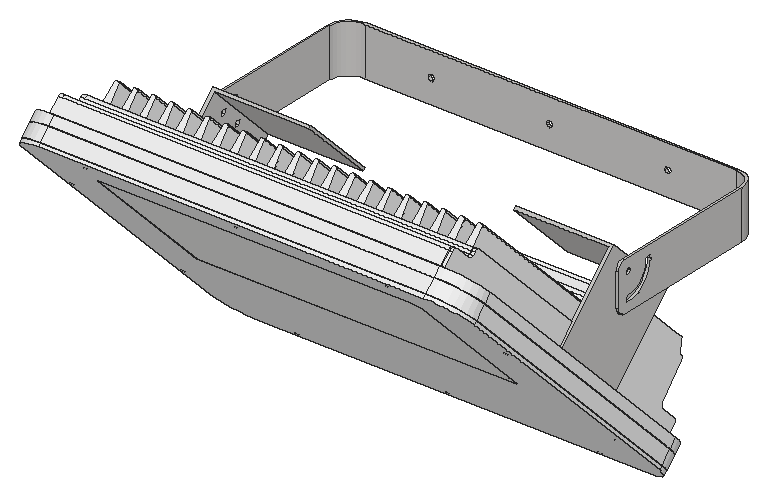
Revit family "FT ATEX LED MAX_2021", category Luminarias, Revit 2021 (continued)
Types (12, lengths in mm): name | Wattage | Power | Position | Archivo de red fotométrica | built-in parameter 1150142 | Modules | Lumens | built-in parameter 1150105 | built-in parameter 1150106 | Equiv MH
    .4664\t579.0186\t586.1406\t597.607\t612.6344\t630.8668\t652.7313\t675.6641\t698.5258\t725.0196\r\n749.8754\t779.5741\t807.706\t838.2594\t875.6499\t914.3936\t963.2505\t1022.1494\t1096.147\t1184.531\r\n1284.1678\t1390.0007\t1495.62\t1605.8686\t1715.5474\t1805.3558\t1839.9687\t1797.664\t1649.5264\t1382.3802\r\n1039.0998\t712.7698\t486.7887\t337.013\t251.6203\t189.6589\t0\t0\t0\t0\r\n0\t0\t0\t0\t0\t0\t0\t0\t0\t0\r\n0\t0\t0\t0\t0\t0\t0\t0\t0\t0\r\n0\t0\t0\t0\t0\t0\t0\t0\t0\t0\r\n0\t0\t0\t0\t0\t0\t0\t0\t0\t0\r\n0\r\n530.0905\t530.8739\t533.8651\t537.1412\t541.6281\t546.3998\t551.4565\t556.3706\t560.8575\t565.7005\r\n570.9707\t576.7396\t584.645\t595.969\t610.8539\t630.2258\t652.1615\t676.0202\t698.8106\t724.8772\r\n750.2315\t778.5058\t807.4211\t837.9745\t874.1543\t913.0404\t961.8973\t1020.5826\t1094.0816\t1181.8247\r\n1280.4644\t1385.7988\t1490.9907\t1600.6695\t1707.0722\t1790.6132\t1818.9588\t1770.3868\t1622.6765\t1364.0767\r\n1031.7641\t713.6956\t490.4921\t341.7848\t255.2525\t192.6501\t0\t0\t0\t0\r\n0\t0\t0\t0\t0\t0\t0\t0\t0\t0\r\n0\t0\t0\t0\t0\t0\t0\t0\t0\t0\r\n0\t0\t0\t0\t0\t0\t0\t0\t0\t0\r\n0\t0\t0\t0\t0\t0\t0\t0\t0\t0\r\n0\r\n529.6631\t531.0163\t532.9393\t536.7139\t541.1296\t545.474\t550.673\t554.7326\t559.6468\t563.2078\r\n569.4751\t574.3893\t583.1494\t594.3309\t609.0734\t629.5136\t651.5918\t676.4476\t699.0955\t724.7347\r\n750.6588\t777.4375\t807.1363\t837.6896\t872.6587\t911.6872\t960.5441\t1018.9445\t1092.0163\t1179.1183\r\n1276.7609\t1381.5256\t1486.3614\t1595.4704\t1698.6682\t1775.8707\t1797.9489\t1743.1095\t1595.7553\t1345.8443\r\n1024.3573\t714.6215\t494.1956\t346.5565\t258.9559\t195.6413\t0\t0\t0\t0\r\n0\t0\t0\t0\t0\t0\t0\t0\t0\t0\r\n0\t0\t0\t0\t0\t0\t0\t0\t0\t0\r\n0\t0\t0\t0\t0\t0\t0\t0\t0\t0\r\n0\t0\t0\t0\t0\t0\t0\t0\t0\t0\r\n0\r\n530.0905\t530.4466\t532.7968\t535.5032\t540.7022\t544.6906\t549.9608\t553.8067\t558.2936\t562.7804\r\n567.6946\t573.6059\t580.9415\t592.5504\t607.0081\t626.6648\t648.743\t672.388\t696.1043\t721.1025\r\n746.8841\t774.6599\t805.1421\t836.3365\t870.7357\t909.337\t956.9831\t1014.6713\t1086.746\t1171.4266\r\n1269.5677\t1375.2582\t1480.8775\t1588.2772\t1692.4721\t1763.977\t1784.4883\t1731.5006\t1587.2801\t1342.5682\r\n1028.6305\t723.9513\t502.101\t356.3849\t261.8047\t196.6384\t0\t0\t0\t0\r\n0\t0\t0\t0\t0\t0\t0\t0\t0\t0\r\n0\t0\t0\t0\t0\t0\t0\t0\t0\t0\r\n0\t0\t0\t0\t0\t0\t0\t0\t0\t0\r\n0\t0\t0\t0\t0\t0\t0\t0\t0\t0\r\n0\r\n530.4466\t529.948\t532.6544\t534.2924\t540.2749\t543.8359\t549.3199\t552.8096\t556.9404\t562.4243\r\n565.9141\t572.7512\t578.7337\t590.7699\t604.9427\t623.816\t645.8942\t668.2573\t693.113\t717.3991\r\n743.0383\t771.9536\t803.0767\t834.9833\t868.8128\t907.0579\t953.4221\t1010.4694\t1081.4045\t1163.806\r\n1262.3033\t1368.9908\t1475.3935\t1581.0128\t1686.3472\t1752.1544\t1770.9565\t1719.8918\t1578.8762\t1339.2921\r\n1032.8324\t733.2099\t510.0064\t366.2132\t264.6535\t197.5643\t0\t0\t0\t0\r\n0\t0\t0\t0\t0\t0\t0\t0\t0\t0\r\n0\t0\t0\t0\t0\t0\t0\t0\t0\t0\r\n0\t0\t0\t0\t0\t0\t0\t0\t0\t0\r\n0\t0\t0\t0\t0\t0\t0\t0\t0\t0\r\n0\r\n530.589\t529.948\t531.9422\t534.15\t539.3491\t543.9784\t548.1803\t552.4535\t556.0145\t560.6438\r\n564.9883\t570.5434\t577.523\t588.5621\t603.5895\t622.8189\t645.182\t668.1148\t691.9023\t716.6869\r\n742.1124\t770.1731\t800.4416\t832.2769\t865.5367\t902.3574\t948.0806\t1003.6322\t1074.5674\t1159.0343\r\n1258.5998\t1365.5723\t1472.972\t1581.1552\t1684.2106\t1750.73\t1766.9682\t1714.6215\t1572.5376\t1336.016\r\n1038.6725\t751.2286\t534.2924\t378.8904\t267.0038\t199.3448\t0\t0\t0\t0\r\n0\t0\t0\t0\t0\t0\t0\t0\t0\t0\r\n0\t0\t0\t0\t0\t0\t0\t0\t0\t0\r\n0\t0\t0\t0\t0\t0\t0\t0\t0\t0\r\n0\t0\t0\t0\t0\t0\t0\t0\t0\t0\r\n0\r\n530.7314\t529.948\t531.3012\t534.0076\t538.352\t544.1208\t547.112\t552.0262\t555.0175\t558.8633\r\n564.0624\t568.4068\t576.3122\t586.4255\t602.2363\t621.893\t644.541\t667.9724\t690.6203\t716.0459\r\n741.1153\t768.3926\t797.8777\t829.5706\t862.2605\t897.7281\t942.8104\t996.7951\t1067.7302\t1154.2625\r\n1254.9676\t1362.1537\t1470.5506\t1581.2977\t1682.0027\t1749.3769\t1763.0511\t1709.28\t1566.2702\t1332.7399\r\n1044.5837\t769.2472\t558.5785\t391.5676\t269.354\t201.1253\t0\t0\t0\t0\r\n0\t0\t0\t0\t0\t0\t0\t0\t0\t0\r\n0\t0\t0\t0\t0\t0\t0\t0\t0\t0\r\n0\t0\t0\t0\t0\t0\t0\t0\t0\t0\r\n0\t0\t0\t0\t0\t0\t0\t0\t0\t0\r\n0\r\n533.3666\t532.5119\t534.15\t536.8564\t541.913\t546.8272\t550.5306\t554.875\t558.436\t562.7804\r\n566.7688\t570.5434\t580.1581\t591.6245\t608.2188\t628.7302\t652.1615\t674.5246\t698.5258\t723.6664\r\n750.5164\t780.1439\t809.629\t841.678\t875.7923\t914.2511\t960.9002\t1019.728\t1093.1558\t1182.893\r\n1287.3015\t1392.2086\t1509.0094\t1621.6794\t1723.3103\t1784.8444\t1791.824\t1731.1445\t1575.7425\t1323.5525\r\n1015.3835\t732.4977\t529.948\t372.623\t262.9442\t200.4131\t0\t0\t0\t0\r\n0\t0\t0\t0\t0\t0\t0\t0\t0\t0\r\n0\t0\t0\t0\t0\t0\t0\t0\t0\t0\r\n0\t0\t0\t0\t0\t0\t0\t0\t0\t0\r\n0\t0\t0\t0\t0\t0\t0\t0\t0\t0\r\n0\r\n535.9305\t535.0759\t536.9988\t539.7764\t545.474\t549.5335\t553.9492\t557.7238\t561.8546\t566.7688\r\n569.4751\t572.7512\t583.9328\t596.7524\t614.2725\t635.4961\t659.7821\t681.0769\t706.5024\t731.287\r\n759.9174\t791.8952\t821.3803\t853.8566\t889.3241\t930.7742\t979.0613\t1042.6608\t1118.5101\t1211.5234\r\n1319.6354\t1422.1922\t1547.4682\t1662.0611\t1764.6892\t1820.312\t1820.5969\t1752.9379\t1585.1435\t1314.4363\r\n986.1833\t695.8194\t501.2464\t353.6785\t256.5344\t199.7721\t0\t0\t0\t0\r\n0\t0\t0\t0\t0\t0\t0\t0\t0\t0\r\n0\t0\t0\t0\t0\t0\t0\t0\t0\t0\r\n0\t0\t0\t0\t0\t0\t0\t0\t0\t0\r\n0\t0\t0\t0\t0\t0\t0\t0\t0\t0\r\n0\r\n534.15\t533.5802\t534.7198\t537.8534\t542.4827\t547.112\t550.9579\t555.0175\t559.0058\t563.4926\r\n567.0536\t570.9707\t580.3718\t592.8353\t610.7115\t632.2199\t656.2923\t679.2964\t703.8673\t729.364\r\n756.9262\t787.2659\t816.8222\t847.6604\t883.4129\t924.0795\t971.8681\t1032.9749\t1108.5393\t1200.4843\r\n1306.5309\t1412.9336\t1531.23\t1649.6689\t1752.3681\t1813.7597\t1819.1012\t1753.8637\t1590.0577\t1321.2734\r\n995.2995\t705.078\t503.4542\t348.7643\t251.6915\t194.0033\t0\t0\t0\t0\r\n0\t0\t0\t0\t0\t0\t0\t0\t0\t0\r\n0\t0\t0\t0\t0\t0\t0\t0\t0\t0\r\n0\t0\t0\t0\t0\t0\t0\t0\t0\t0\r\n0\t0\t0\t0\t0\t0\t0\t0\t0\t0\r\n0\r\n532.3695\t532.0846\t532.3695\t535.9305\t539.4915\t544.6906\t547.8955\t552.3111\t556.0858\t560.2165\r\n564.5609\t569.1902\t576.882\t588.847\t607.1505\t628.9438\t652.7313\t677.5159\t701.3033\t727.5123\r\n753.9349\t782.6366\t812.3353\t841.5355\t877.5728\t917.3848\t964.6037\t1023.289\t1098.5685\t1189.4452\r\n1293.4264\t1403.675\t1514.9918\t1637.2766\t1740.1183\t1807.2075\t1817.6056\t1754.8608\t1594.9719\t1328.1106\r\n1004.4157\t714.4078\t505.662\t343.8502\t246.9197\t188.3057\t0\t0\t0\t0\r\n0\t0\t0\t0\t0\t0\t0\t0\t0\t0\r\n0\t0\t0\t0\t0\t0\t0\t0\t0\t0\r\n0\t0\t0\t0\t0\t0\t0\t0\t0\t0\r\n0\t0\t0\t0\t0\t0\t0\t0\t0\t0\r\n0\r\n531.5861\t530.7314\t531.4436\t534.15\t538.1383\t542.6252\t546.5423\t550.5306\t553.9492\t558.2936\r\n561.8546\t566.9112\t574.3893\t586.5679\t604.8002\t625.9526\t650.5235\t674.9519\t699.5228\t725.3045\r\n751.0861\t779.5741\t808.1333\t839.2565\t874.1543\t913.8238\t960.7578\t1020.1553\t1092.3011\t1180.3291\r\n1283.4556\t1391.3539\t1502.8844\t1622.1067\t1727.2987\t1800.584\t1817.4632\t1763.1935\t1606.9369\t1344.0638\r\n1016.167\t711.2741\t492.1302\t338.936\t246.5636\t187.5935\t0\t0\t0\t0\r\n0\t0\t0\t0\t0\t0\t0\t0\t0\t0\r\n0\t0\t0\t0\t0\t0\t0\t0\t0\t0\r\n0\t0\t0\t0\t0\t0\t0\t0\t0\t0\r\n0\t0\t0\t0\t0\t0\t0\t0\t0\t0\r\n0\r\n530.7314\t529.3783\t530.4466\t532.3695\t536.7139\t540.5598\t545.1891\t548.7501\t551.7413\t556.3706\r\n559.1482\t564.5609\t571.9678\t584.2177\t602.5212\t622.9613\t648.3157\t672.388\t697.7423\t723.0967\r\n748.2373\t776.5829\t803.8601\t836.9062\t870.7357\t910.334\t956.9831\t1017.0216\t1086.0338\t1171.1417\r\n1273.4848\t1379.1041\t1490.7058\t1606.9369\t1714.4791\t1793.8894\t1817.3207\t1771.5263\t1618.973\t1360.0171\r\n1027.9183\t708.1405\t478.5984\t334.0218\t246.1363\t186.9525\t0\t0\t0\t0\r\n0\t0\t0\t0\t0\t0\t0\t0\t0\t0\r\n0\t0\t0\t0\t0\t0\t0\t0\t0\t0\r\n0\t0\t0\t0\t0\t0\t0\t0\t0\t0\r\n0\t0\t0\t0\t0\t0\t0\t0\t0\t0\r\n0\r\n530.0905\t528.9509\t529.8056\t531.7997\t535.9305\t539.6339\t544.2632\t547.3969\t550.2457\t554.5901\r\n557.8663\t563.3502\t570.5434\t583.2918\t601.0256\t621.893\t646.6064\t671.2485\t696.8877\t721.7435\r\n747.0978\t775.0873\t803.3616\t835.4106\t868.9552\t908.5535\t953.707\t1010.9679\t1080.3362\t1163.6636\r\n1264.796\t1371.0562\t1480.094\t1593.3338\t1702.0156\t1784.702\t1811.4807\t1770.5292\t1622.534\t1360.6581\r\n1024.927\t701.1609\t474.254\t333.3096\t247.0622\t188.6618\t0\t0\t0\t0\r\n0\t0\t0\t0\t0\t0\t0\t0\t0\t0\r\n0\t0\t0\t0\t0\t0\t0\t0\t0\t0\r\n0\t0\t0\t0\t0\t0\t0\t0\t0\t0\r\n0\t0\t0\t0\t0\t0\t0\t0\t0\t0\r\n0\r\n529.3783\t528.5236\t529.0934\t531.3012\t535.0759\t538.6369\t543.2662\t546.0437\t548.7501\t552.8096\r\n556.6555\t562.1395\t569.1902\t582.2947\t599.53\t620.7535\t644.8259\t670.1802\t696.1043\t720.3903\r\n746.0295\t773.5916\t802.7918\t833.915\t867.1747\t906.773\t950.4309\t1004.9854\t1074.5674\t1156.1855\r\n1256.0359\t1363.0084\t1469.411\t1579.6596\t1689.6233\t1775.5858\t1805.5694\t1769.6033\t1626.0238\t1361.3703\r\n1021.9358\t694.1813\t469.9096\t332.5974\t248.0593\t190.4423\t0\t0\t0\t0\r\n0\t0\t0\t0\t0\t0\t0\t0\t0\t0\r\n0\t0\t0\t0\t0\t0\t0\t0\t0\t0\r\n0\t0\t0\t0\t0\t0\t0\t0\t0\t0\r\n0\t0\t0\t0\t0\t0\t0\t0\t0\t0\r\n0\r\n529.5207\t528.5236\t528.8085\t531.1588\t534.15\t538.1383\t542.3403\t544.9042\t548.0379\t551.4565\r\n555.5872\t560.8575\t568.6917\t580.9415\t598.9602\t620.5399\t644.1137\t670.4651\t695.9618\t721.3162\r\n746.0295\t772.8794\t802.0796\t832.5618\t867.4596\t905.2774\t950.0036\t1004.202\t1072.3595\t1154.405\r\n1252.7598\t1359.5898\t1462.0754\t1569.4039\t1676.0203\t1764.2618\t1799.1596\t1767.8228\t1630.7956\t1369.9879\r\n1027.4909\t693.6116\t467.4169\t331.6715\t247.2046\t190.7272\t0\t0\t0\t0\r\n0\t0\t0\t0\t0\t0\t0\t0\t0\t0\r\n0\t0\t0\t0\t0\t0\t0\t0\t0\t0\r\n0\t0\t0\t0\t0\t0\t0\t0\t0\t0\r\n0\t0\t0\t0\t0\t0\t0\t0\t0\t0\r\n0\r\n529.6631\t528.5236\t528.5236\t531.0163\t533.2241\t537.5686\t541.4144\t543.8359\t547.3969\t550.1033\r\n554.4477\t559.6468\t568.1219\t579.5884\t598.3904\t620.255\t643.4015\t670.75\t695.8194\t722.3132\r\n746.0295\t772.2385\t801.4387\t831.1374\t867.7445\t903.7818\t949.5763\t1003.3474\t1070.2229\t1152.6245\r\n1249.4837\t1356.1712\t1454.6685\t1559.2195\t1662.346\t1752.9379\t1792.7498\t1766.0423\t1635.6385\t1378.5343\r\n1033.1173\t693.113\t464.9954\t330.7457\t246.4212\t191.012\t0\t0\t0\t0\r\n0\t0\t0\t0\t0\t0\t0\t0\t0\t0\r\n0\t0\t0\t0\t0\t0\t0\t0\t0\t0\r\n0\t0\t0\t0\t0\t0\t0\t0\t0\t0\r\n0\t0\t0\t0\t0\t0\t0\t0\t0\t0\r\n0\r\n530.4466\t528.4524\t529.2358\t531.0163\t533.5802\t537.2837\t541.1296\t543.8359\t546.5423\t549.9608\r\n553.3794\t559.0058\t566.6263\t578.0927\t596.7524\t618.0472\t642.1907\t668.3997\t695.036\t722.3132\r\n747.81\t774.8024\t802.3645\t832.4194\t865.6791\t902.4998\t946.4426\t1000.641\t1067.7302\t1148.7786\r\n1244.8544\t1347.0551\t1444.6265\t1544.0496\t1644.8971\t1735.7738\t1779.2893\t1757.9945\t1635.7097\t1383.5909\r\n1038.1739\t695.8194\t465.4939\t330.0335\t246.7061\t191.012\t0\t0\t0\t0\r\n0\t0\t0\t0\t0\t0\t0\t0\t0\t0\r\n0\t0\t0\t0\t0\t0\t0\t0\t0\t0\r\n0\t0\t0\t0\t0\t0\t0\t0\t0\t0\r\n0\t0\t0\t0\t0\t0\t0\t0\t0\t0\r\n0\r\n531.3012\t528.31\t529.948\t531.0163\t534.0076\t536.9988\t540.8447\t543.8359\t545.7589\t549.8184\r\n552.3111\t558.2936\t565.1307\t576.5971\t595.1143\t615.9106\t640.98\t666.0494\t694.1813\t722.3132\r\n749.5905\t777.4375\t803.3616\t833.6301\t863.6137\t901.2891\t943.3089\t997.8634\t1065.3088\t1145.0039\r\n1240.2251\t1337.8677\t1434.5132\t1528.8797\t1627.4482\t1718.5386\t1765.7575\t1749.9466\t1635.8522\t1388.6476\r\n1043.2306\t698.5258\t466.0637\t329.3925\t246.9197\t191.012\t0\t0\t0\t0\r\n0\t0\t0\t0\t0\t0\t0\t0\t0\t0\r\n0\t0\t0\t0\t0\t0\t0\t0\t0\t0\r\n0\t0\t0\t0\t0\t0\t0\t0\t0\t0\r\n0\t0\t0\t0\t0\t0\t0\t0\t0\t0\r\n0\r\n531.1588\t528.1675\t529.6631\t530.8739\t533.8651\t536.7139\t540.1325\t543.1237\t545.474\t549.4623\r\n552.1687\t557.6526\t564.2761\t575.6\t593.6187\t614.4862\t639.9117\t665.266\t693.754\t722.1708\r\n749.5905\t777.4375\t804.0026\t833.7725\t864.3259\t901.8589\t944.6621\t999.1454\t1065.0239\t1145.1464\r\n1238.1597\t1335.0189\t1433.0176\t1527.2417\t1624.1721\t1710.9181\t1757.852\t1742.1836\t1629.1575\t1383.3061\r\n1041.6637\t700.3063\t467.132\t331.5291\t248.9851\t192.935\t0\t0\t0\t0\r\n0\t0\t0\t0\t0\t0\t0\t0\t0\t0\r\n0\t0\t0\t0\t0\t0\t0\t0\t0\t0\r\n0\t0\t0\t0\t0\t0\t0\t0\t0\t0\r\n0\t0\t0\t0\t0\t0\t0\t0\t0\t0\r\n0\r\n531.0163\t528.0251\t529.3783\t530.7314\t533.7227\t536.5003\t539.4915\t542.4827\t545.1891\t549.035\r\n552.0262\t556.9404\t563.4926\t574.6742\t592.1231\t613.133\t638.7722\t664.4826\t693.3979\t722.0284\r\n749.5905\t777.4375\t804.7148\t833.915\t865.0381\t902.3574\t946.0865\t1000.3561\t1064.739\t1145.2176\r\n1236.0943\t1332.1701\t1431.522\t1525.6036\t1620.896\t1703.2975\t1749.9466\t1734.3494\t1622.534\t1378.0358\r\n1040.1681\t702.0868\t468.2715\t333.7369\t251.0505\t194.8579\t0\t0\t0\t0\r\n0\t0\t0\t0\t0\t0\t0\t0\t0\t0\r\n0\t0\t0\t0\t0\t0\t0\t0\t0\t0\r\n0\t0\t0\t0\t0\t0\t0\t0\t0\t0\r\n0\t0\t0\t0\t0\t0\t0\t0\t0\t0\r\n0\r\n530.4466\t528.0251\t528.8085\t530.4466\t533.7227\t535.9305\t539.3491\t542.3403\t545.3315\t548.7501\r\n551.4565\t556.5131\t563.0653\t574.3893\t590.7699\t612.3496\t636.9917\t662.1323\t690.3355\t718.3249\r\n747.0978\t774.4463\t802.507\t830.354\t862.1181\t899.9359\t943.5938\t997.6498\t1061.0356\t1139.6624\r\n1230.9665\t1329.4637\t1430.3825\t1529.3071\t1629.0863\t1711.8439\t1751.2998\t1725.9455\t1608.1476\t1363.0084\r\n1029.9836\t700.4487\t470.8354\t337.4404\t254.1842\t197.5643\t0\t0\t0\t0\r\n0\t0\t0\t0\t0\t0\t0\t0\t0\t0\r\n0\t0\t0\t0\t0\t0\t0\t0\t0\t0\r\n0\t0\t0\t0\t0\t0\t0\t0\t0\t0\r\n0\t0\t0\t0\t0\t0\t0\t0\t0\t0\r\n0\r\n529.948\t528.0251\t528.31\t530.1617\t533.7227\t535.3607\t539.2066\t542.1979\t545.474\t548.4652\r\n550.9579\t556.0858\t562.638\t574.1044\t589.4167\t611.4949\t635.2824\t659.7821\t687.3442\t714.6215\r\n744.6763\t771.3838\t800.3704\t826.793\t859.2693\t897.5144\t941.1723\t994.8722\t1057.4033\t1134.0361\r\n1225.7674\t1326.6862\t1429.3142\t1533.0105\t1637.2766\t1720.4615\t1752.653\t1717.4703\t1593.8324\t1347.9809\r\n1019.728\t698.8106\t473.4706\t341.0726\t257.3179\t200.2706\t0\t0\t0\t0\r\n0\t0\t0\t0\t0\t0\t0\t0\t0\t0\r\n0\t0\t0\t0\t0\t0\t0\t0\t0\t0\r\n0\t0\t0\t0\t0\t0\t0\t0\t0\t0\r\n0\t0\t0\t0\t0\t0\t0\t0\t0\t0\r\n0\r\n529.6631\t528.1675\t528.1675\t530.1617\t533.2241\t535.5032\t539.2066\t542.0554\t545.3315\t548.0379\r\n551.1004\t555.5872\t562.638\t574.3893\t590.6275\t612.3496\t635.7809\t661.705\t688.4837\t715.1912\r\n743.9641\t770.458\t799.6582\t827.6476\t860.9074\t898.1554\t941.9557\t993.3766\t1055.7653\t1130.9024\r\n1220.5684\t1320.4188\t1422.0497\t1528.2388\t1632.8609\t1715.4049\t1745.6734\t1698.7394\t1562.7805\t1315.2197\r\n999.9288\t693.5404\t473.6842\t342.0697\t258.2437\t200.8404\t0\t0\t0\t0\r\n0\t0\t0\t0\t0\t0\t0\t0\t0\t0\r\n0\t0\t0\t0\t0\t0\t0\t0\t0\t0\r\n0\t0\t0\t0\t0\t0\t0\t0\t0\t0\r\n0\t0\t0\t0\t0\t0\t0\t0\t0\t0\r\n0\r\n529.3783\t528.31\t528.0251\t530.1617\t532.6544\t535.6456\t539.2066\t541.913\t545.1891\t547.6818\r\n551.1716\t555.0175\t562.638\t574.6742\t591.8382\t613.133\t636.3507\t663.628\t689.552\t715.761\r\n743.3231\t769.5321\t798.946\t828.431\t862.5454\t898.8676\t942.8104\t991.8809\t1054.1272\t1127.7687\r\n1215.3693\t1314.1514\t1414.8565\t1523.467\t1628.5165\t1710.3483\t1738.7651\t1680.0798\t1531.6573\t1282.5298\r\n980.1296\t688.1989\t473.9691\t342.9955\t259.2408\t201.4102\t0\t0\t0\t0\r\n0\t0\t0\t0\t0\t0\t0\t0\t0\t0\r\n0\t0\t0\t0\t0\t0\t0\t0\t0\t0\r\n0\t0\t0\t0\t0\t0\t0\t0\t0\t0\r\n0\t0\t0\t0\t0\t0\t0\t0\t0\t0\r\n0\r\n529.8056\t528.1675\t528.31\t530.1617\t532.5119\t535.9305\t538.7793\t542.3403\t544.9042\t547.5394\r\n551.1004\t555.1599\t563.2078\t574.6742\t591.8382\t612.7057\t636.9205\t664.0553\t689.552\t715.9034\r\n743.8217\t771.0277\t799.6582\t829.9267\t864.1835\t900.8618\t944.8045\t994.0888\t1054.9106\t1128.196\r\n1215.0844\t1312.3709\t1412.1502\t1517.0572\t1619.614\t1706.4312\t1736.1299\t1674.7383\t1519.4787\t1269.8526\r\n972.0818\t682.7149\t471.5476\t340.7165\t256.5344\t198.9175\t0\t0\t0\t0\r\n0\t0\t0\t0\t0\t0\t0\t0\t0\t0\r\n0\t0\t0\t0\t0\t0\t0\t0\t0\t0\r\n0\t0\t0\t0\t0\t0\t0\t0\t0\t0\r\n0\t0\t0\t0\t0\t0\t0\t0\t0\t0\r\n0\r\n530.1617\t528.0251\t528.5236\t530.1617\t532.3695\t536.2154\t538.352\t542.7676\t544.6906\t547.3969\r\n550.9579\t555.3023\t563.7775\t574.6742\t591.8382\t612.3496\t637.419\t664.4826\t689.552\t716.0459\r\n744.3914\t772.5233\t800.3704\t831.4223\t865.8215\t902.9272\t946.8699\t996.2966\t1055.7653\t1128.6233\r\n1214.7995\t1310.5904\t1409.3726\t1510.6474\t1610.7827\t1702.4429\t1733.566\t1669.468\t1507.3713\t1257.1042\r\n964.0339\t677.3022\t469.0549\t338.3662\t253.7569\t196.496\t0\t0\t0\t0\r\n0\t0\t0\t0\t0\t0\t0\t0\t0\t0\r\n0\t0\t0\t0\t0\t0\t0\t0\t0\t0\r\n0\t0\t0\t0\t0\t0\t0\t0\t0\t0\r\n0\t0\t0\t0\t0\t0\t0\t0\t0\t0\r\n0\r\n530.1617\t528.1675\t528.4524\t530.1617\t532.5119\t536.2154\t538.2095\t543.0525\t545.1891\t548.3228\r\n551.5989\t556.0858\t564.7034\t576.1698\t593.4763\t614.2725\t639.7693\t665.9782\t691.3325\t718.3249\r\n746.1719\t774.8024\t802.6494\t833.6301\t866.8898\t905.2774\t948.3655\t999.7864\t1061.3204\t1136.3863\r\n1225.625\t1322.0569\t1422.9044\t1526.7431\t1630.0121\t1719.8918\t1748.0237\t1682.7862\t1518.8377\t1266.2916\r\n965.3159\t671.8183\t462.3602\t333.1672\t249.27\t192.3652\t0\t0\t0\t0\r\n0\t0\t0\t0\t0\t0\t0\t0\t0\t0\r\n0\t0\t0\t0\t0\t0\t0\t0\t0\t0\r\n0\t0\t0\t0\t0\t0\t0\t0\t0\t0\r\n0\t0\t0\t0\t0\t0\t0\t0\t0\t0\r\n0\r\n530.1617\t528.31\t528.31\t530.1617\t532.6544\t536.2154\t538.1383\t543.2662\t545.7589\t549.3199\r\n552.3111\t556.9404\t565.7005\t577.6654\t595.1143\t616.1242\t642.0483\t667.4738\t693.113\t720.6752\r\n747.9524\t777.1526\t804.9997\t835.8379\t868.0294\t907.5565\t949.8611\t1003.3474\t1066.9468\t1144.1493\r\n1236.3792\t1333.5233\t1436.4362\t1542.8389\t1649.2415\t1737.4119\t1762.4813\t1696.1755\t1530.3041\t1275.4078\r\n966.5266\t666.3343\t455.6656\t327.9681\t244.7831\t188.3057\t0\t0\t0\t0\r\n0\t0\t0\t0\t0\t0\t0\t0\t0\t0\r\n0\t0\t0\t0\t0\t0\t0\t0\t0\t0\r\n0\t0\t0\t0\t0\t0\t0\t0\t0\t0\r\n0\t0\t0\t0\t0\t0\t0\t0\t0\t0\r\n0\r\n530.0905\t528.4524\t528.5236\t530.3041\t532.7968\t536.3578\t538.9217\t543.2662\t545.9013\t549.8184\r\n552.8096\t557.7238\t565.7005\t577.3805\t594.7582\t615.9818\t642.1907\t667.4738\t694.3238\t721.4586\r\n750.1603\t779.218\t807.2787\t838.8292\t871.804\t911.4023\t954.6329\t1009.3298\t1073.4991\t1153.5503\r\n1246.4924\t1344.7048\t1447.048\t1554.1628\t1662.346\t1750.5876\t1781.0698\t1722.242\t1562.7805\t1301.1894\r\n978.4204\t666.7616\t452.6743\t323.9086\t241.3646\t185.5281\t0\t0\t0\t0\r\n0\t0\t0\t0\t0\t0\t0\t0\t0\t0\r\n0\t0\t0\t0\t0\t0\t0\t0\t0\t0\r\n0\t0\t0\t0\t0\t0\t0\t0\t0\t0\r\n0\t0\t0\t0\t0\t0\t0\t0\t0\t0\r\n0\r\n529.948\t528.5236\t528.8085\t530.4466\t532.9393\t536.5003\t539.7764\t543.2662\t546.0437\t550.3882\r\n553.3794\t558.5785\t565.7005\t577.0957\t594.3309\t615.9106\t642.3332\t667.4738\t695.5345\t722.3132\r\n752.2969\t781.2122\t809.629\t841.8204\t875.6499\t915.2482\t959.4046\t1015.3835\t1080.0513\t1163.0226\r\n1256.6057\t1355.8864\t1457.6597\t1565.4868\t1675.4505\t1763.8345\t1799.587\t1748.3086\t1595.1856\t1326.971\r\n990.2429\t667.189\t449.6831\t319.7778\t237.946\t182.8217\t0\t0\t0\t0\r\n0\t0\t0\t0\t0\t0\t
    0\t0\t0\t0\r\n0\t0\t0\t0\t0\t0\t0\t0\t0\t0\r\n0\t0\t0\t0\t0\t0\t0\t0\t0\t0\r\n0\t0\t0\t0\t0\t0\t0\t0\t0\t0\r\n0\r\n529.948\t528.8085\t529.0934\t531.0163\t533.2241\t537.2837\t539.8476\t543.551\t546.5423\t550.8155\r\n554.4477\t559.2194\t566.7688\t577.523\t595.2568\t617.4062\t643.5439\t670.0378\t697.5999\t725.9455\r\n755.0744\t783.7049\t811.1246\t843.1736\t876.8606\t915.3194\t959.5471\t1014.244\t1082.6152\t1166.9397\r\n1262.4457\t1364.3615\t1468.0579\t1574.3181\t1677.0886\t1760.7008\t1806.8514\t1769.7458\t1625.8102\t1356.741\r\n1010.042\t673.4563\t448.7572\t317.3563\t237.2338\t182.252\t0\t0\t0\t0\r\n0\t0\t0\t0\t0\t0\t0\t0\t0\t0\r\n0\t0\t0\t0\t0\t0\t0\t0\t0\t0\r\n0\t0\t0\t0\t0\t0\t0\t0\t0\t0\r\n0\t0\t0\t0\t0\t0\t0\t0\t0\t0\r\n0\r\n529.948\t529.0934\t529.3783\t531.5861\t533.4378\t538.1383\t539.99\t543.8359\t547.112\t551.1716\r\n555.5872\t559.9316\t567.8371\t577.9503\t596.2538\t618.9018\t644.8259\t672.6017\t699.6653\t729.6489\r\n757.7808\t786.1264\t812.6202\t844.5268\t878.1426\t915.4619\t959.6895\t1013.1757\t1085.2504\t1170.928\r\n1268.2858\t1372.8367\t1478.456\t1583.2206\t1678.7266\t1757.5672\t1814.0446\t1791.1118\t1656.3635\t1386.4397\r\n1029.8412\t679.7237\t447.7601\t314.8636\t236.5928\t181.7534\t0\t0\t0\t0\r\n0\t0\t0\t0\t0\t0\t0\t0\t0\t0\r\n0\t0\t0\t0\t0\t0\t0\t0\t0\t0\r\n0\t0\t0\t0\t0\t0\t0\t0\t0\t0\r\n0\t0\t0\t0\t0\t0\t0\t0\t0\t0\r\n0\r\n529.6631\t529.2358\t529.3783\t531.9422\t534.15\t538.6369\t541.4857\t544.7618\t548.3228\t551.7413\r\n556.3706\t560.8575\t568.6917\t580.0157\t597.607\t621.0384\t646.3215\t674.2397\t701.4458\t730.7884\r\n758.8491\t786.5537\t813.4036\t843.6009\t878.2138\t916.7438\t961.6124\t1016.4518\t1089.1675\t1176.3407\r\n1275.1229\t1381.3119\t1487.4297\t1590.3426\t1686.2047\t1771.8824\t1832.2057\t1808.7743\t1676.0203\t1405.0282\r\n1041.8062\t682.5725\t445.4811\t312.1573\t234.9548\t181.3261\t0\t0\t0\t0\r\n0\t0\t0\t0\t0\t0\t0\t0\t0\t0\r\n0\t0\t0\t0\t0\t0\t0\t0\t0\t0\r\n0\t0\t0\t0\t0\t0\t0\t0\t0\t0\r\n0\t0\t0\t0\t0\t0\t0\t0\t0\t0\r\n0\r\n529.3783\t529.3783\t529.3783\t532.3695\t534.8622\t539.2066\t543.0525\t545.7589\t549.5335\t552.3111\r\n557.2253\t561.8546\t569.4751\t582.0098\t598.9602\t623.2462\t647.8171\t675.8778\t703.2263\t731.8567\r\n759.9174\t786.981\t814.2583\t842.6038\t878.3563\t917.9546\t963.5354\t1019.728\t1093.1558\t1181.8247\r\n1281.96\t1389.7159\t1496.4034\t1597.3934\t1693.754\t1786.1976\t1850.3668\t1826.3657\t1695.6058\t1423.6166\r\n1053.8423\t685.4925\t443.1308\t309.4509\t233.3167\t180.8988\t0\t0\t0\t0\r\n0\t0\t0\t0\t0\t0\t0\t0\t0\t0\r\n0\t0\t0\t0\t0\t0\t0\t0\t0\t0\r\n0\t0\t0\t0\t0\t0\t0\t0\t0\t0\r\n0\t0\t0\t0\t0\t0\t0\t0\t0\t0\r\n0\r\n529.948\t529.3783\t530.0905\t532.7968\t535.9305\t540.5598\t543.9784\t547.112\t550.3882\t553.3794\r\n557.6526\t562.1395\t570.3298\t582.4372\t600.7407\t624.0296\t649.5976\t677.3734\t704.437\t731.9992\r\n759.4189\t786.981\t815.0417\t844.2419\t879.8519\t918.8804\t965.3159\t1021.7933\t1095.7197\t1184.8159\r\n1285.8059\t1394.7725\t1503.5254\t1608.7174\t1713.6244\t1812.0505\t1868.3855\t1841.7492\t1711.8439\t1434.9406\r\n1059.6824\t683.9257\t439.2137\t304.6792\t228.6874\t177.2666\t0\t0\t0\t0\r\n0\t0\t0\t0\t0\t0\t0\t0\t0\t0\r\n0\t0\t0\t0\t0\t0\t0\t0\t0\t0\r\n0\t0\t0\t0\t0\t0\t0\t0\t0\t0\r\n0\t0\t0\t0\t0\t0\t0\t0\t0\t0\r\n0\r\n530.4466\t529.3783\t530.7314\t533.2241\t536.9988\t541.913\t544.9042\t548.4652\t551.1716\t554.4477\r\n558.0087\t562.4243\t571.1132\t582.8645\t602.5212\t624.8843\t651.3781\t678.9403\t705.6478\t732.1416\r\n758.8491\t786.981\t815.8963\t845.8799\t881.3475\t919.8775\t967.0964\t1023.7875\t1098.2836\t1187.8072\r\n1289.5805\t1399.8291\t1510.6474\t1620.0413\t1733.566\t1837.8321\t1886.4041\t1857.2039\t1728.0821\t1446.2645\r\n1065.5936\t682.43\t435.2254\t299.9074\t224.0581\t173.5631\t0\t0\t0\t0\r\n0\t0\t0\t0\t0\t0\t0\t0\t0\t0\r\n0\t0\t0\t0\t0\t0\t0\t0\t0\t0\r\n0\t0\t0\t0\t0\t0\t0\t0\t0\t0\r\n0\t0\t0\t0\t0\t0\t0\t0\t0\t0\r\n0\r\n530.0905\t529.948\t531.0163\t533.5802\t537.8534\t542.1979\t546.2574\t549.3199\t552.7384\t556.2282\r\n560.359\t565.558\t573.6059\t585.9982\t604.1593\t626.9497\t652.4464\t679.0115\t705.5053\t730.7884\r\n758.4218\t787.2659\t816.4661\t847.9453\t883.9826\t922.8688\t968.9481\t1026.5651\t1099.4231\t1189.5877\r\n1292.0732\t1404.1735\t1515.2767\t1628.2316\t1748.0237\t1856.7766\t1904.494\t1869.0265\t1731.7855\t1444.0567\r\n1059.9673\t674.6671\t429.7415\t296.4889\t221.5654\t171.9251\t0\t0\t0\t0\r\n0\t0\t0\t0\t0\t0\t0\t0\t0\t0\r\n0\t0\t0\t0\t0\t0\t0\t0\t0\t0\r\n0\t0\t0\t0\t0\t0\t0\t0\t0\t0\r\n0\t0\t0\t0\t0\t0\t0\t0\t0\t0\r\n0\r\n529.6631\t530.4466\t531.3012\t534.0076\t538.6369\t542.4827\t547.6818\t550.1033\t554.234\t558.0087\r\n562.638\t568.6917\t576.0274\t589.1318\t605.7973\t628.9438\t653.5147\t679.1539\t705.3629\t729.364\r\n758.0657\t787.4795\t816.9646\t850.0107\t886.5466\t925.86\t970.871\t1029.2714\t1100.4914\t1191.3682\r\n1294.4947\t1408.5892\t1519.906\t1636.4219\t1762.4813\t1875.7211\t1922.6551\t1880.9202\t1735.489\t1441.8489\r\n1054.4121\t666.9041\t424.3288\t293.0703\t219.1439\t170.287\t0\t0\t0\t0\r\n0\t0\t0\t0\t0\t0\t0\t0\t0\t0\r\n0\t0\t0\t0\t0\t0\t0\t0\t0\t0\r\n0\t0\t0\t0\t0\t0\t0\t0\t0\t0\r\n0\t0\t0\t0\t0\t0\t0\t0\t0\t0\r\n0\r\n530.0905\t530.4466\t531.7285\t534.7198\t539.2066\t544.1208\t548.1803\t552.1687\t556.0858\t560.359\r\n565.2731\t570.3298\t578.6625\t591.0548\t609.2159\t631.7214\t656.1499\t680.9344\t706.2175\t731.7143\r\n758.2081\t787.4795\t816.6797\t849.8683\t884.2675\t923.2961\t970.0876\t1029.4139\t1104.1949\t1195.9975\r\n1300.2635\t1410.7258\t1522.2563\t1639.5556\t1765.1877\t1872.8723\t1914.8921\t1868.7416\t1716.7581\t1424.1151\r\n1039.812\t659.6396\t419.8419\t289.6517\t217.0786\t169.4324\t0\t0\t0\t0\r\n0\t0\t0\t0\t0\t0\t0\t0\t0\t0\r\n0\t0\t0\t0\t0\t0\t0\t0\t0\t0\r\n0\t0\t0\t0\t0\t0\t0\t0\t0\t0\r\n0\t0\t0\t0\t0\t0\t0\t0\t0\t0\r\n0\r\n530.4466\t530.4466\t532.0846\t535.3607\t539.7764\t545.7589\t548.7501\t554.234\t558.0087\t562.638\r\n567.8371\t571.9678\t581.2264\t592.9777\t612.6344\t634.4278\t658.7138\t682.7149\t707.0009\t734.0645\r\n758.3506\t787.4795\t816.4661\t849.7258\t881.9173\t920.6609\t969.233\t1029.5563\t1107.8983\t1200.6268\r\n1305.9611\t1412.9336\t1524.5353\t1642.6893\t1767.9653\t1870.0235\t1907.1292\t1856.6342\t1698.0985\t1406.3813\r\n1025.2119\t652.4464\t415.2838\t286.2332\t215.0132\t168.649\t0\t0\t0\t0\r\n0\t0\t0\t0\t0\t0\t0\t0\t0\t0\r\n0\t0\t0\t0\t0\t0\t0\t0\t0\t0\r\n0\t0\t0\t0\t0\t0\t0\t0\t0\t0\r\n0\t0\t0\t0\t0\t0\t0\t0\t0\t0\r\n0\r\n530.589\t530.4466\t532.9393\t536.2154\t540.7022\t546.5423\t550.8155\t556.0145\t560.0741\t564.9883\r\n569.6176\t573.962\t582.8645\t595.2568\t614.1301\t635.2824\t659.1411\t682.7149\t707.1434\t733.4948\r\n758.3506\t787.622\t816.6797\t848.5151\t881.9173\t921.658\t970.871\t1031.4793\t1110.0349\t1204.4726\r\n1309.5221\t1418.1326\t1528.8797\t1645.5381\t1758.9203\t1850.2244\t1878.5699\t1816.6798\t1646.8201\t1353.3224\r\n989.4595\t644.2561\t426.3941\t291.7171\t216.2239\t167.7943\t0\t0\t0\t0\r\n0\t0\t0\t0\t0\t0\t0\t0\t0\t0\r\n0\t0\t0\t0\t0\t0\t0\t0\t0\t0\r\n0\t0\t0\t0\t0\t0\t0\t0\t0\t0\r\n0\t0\t0\t0\t0\t0\t0\t0\t0\t0\r\n0\r\n530.7314\t530.4466\t533.7227\t536.9988\t541.6281\t547.3969\t552.8096\t557.7238\t562.1395\t567.3385\r\n571.3981\t576.0274\t584.5025\t597.607\t615.6257\t636.0658\t659.5684\t682.7149\t707.2858\t732.925\r\n758.3506\t787.7644\t816.9646\t847.3043\t881.9173\t922.5839\t972.5091\t1033.4022\t1112.2427\t1208.3185\r\n1313.0831\t1423.3317\t1533.2954\t1648.4581\t1749.9466\t1830.4252\t1850.0819\t1776.6541\t1595.4704\t1300.2635\r\n953.707\t636.0658\t437.4332\t297.1298\t217.5059\t167.0109\t0\t0\t0\t0\r\n0\t0\t0\t0\t0\t0\t0\t0\t0\t0\r\n0\t0\t0\t0\t0\t0\t0\t0\t0\t0\r\n0\t0\t0\t0\t0\t0\t0\t0\t0\t0\r\n0\t0\t0\t0\t0\t0\t0\t0\t0\t0\r\n0\r\n533.3666\t533.5802\t536.0729\t540.4174\t544.7618\t552.0262\t558.0087\t564.2761\t569.1902\t574.5317\r\n579.3035\t584.0752\t592.2655\t603.5895\t620.7535\t640.4102\t662.8445\t684.7803\t707.998\t732.4977\r\n757.3535\t785.9839\t816.0388\t845.6663\t880.1368\t919.0229\t966.0993\t1023.5738\t1099.1383\t1193.576\r\n1297.486\t1408.7316\t1520.6894\t1639.2707\t1753.6501\t1844.598\t1876.4333\t1819.5286\t1644.6122\t1357.6669\r\n1014.8138\t687.914\t470.2657\t318.5671\t229.0435\t171.9251\t0\t0\t0\t0\r\n0\t0\t0\t0\t0\t0\t0\t0\t0\t0\r\n0\t0\t0\t0\t0\t0\t0\t0\t0\t0\r\n0\t0\t0\t0\t0\t0\t0\t0\t0\t0\r\n0\t0\t0\t0\t0\t0\t0\t0\t0\t0\r\n0" | "2" | 6700 lm | 533.17 (stored number, unit not read) | 5.3317 (stored number, unit not read) | 70 W
